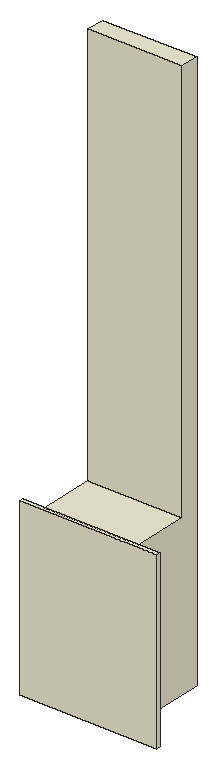
Revit family "3-511-xx Icon Sconce", category Lighting Fixtures, host Wall, Revit 2018
Family settings
  Host = Wall
  Round Connector Dimension = Use Diameter
  Part Type = Normal
  OmniClass Number = 23.80.70.00
  OmniClass Title = Lighting
  Always vertical = Yes
  Cut with Voids When Loaded = No
  Light Source = Yes
  Shared = No
  Room Calculation Point = No
Parameters (values of type "3-511-14 / Polished Chrome")
  Wattage Comments = "12.8 W at 120 V"  # constant formula
  Wattage = 12.8 W
  built-in parameter 1150110 = 1 (stored number, unit not read)
  Voltage Input = "120 V or 277 V - 50/60 Hz"  # constant formula
  Voltage = 120 V
  URL = "www.oxygenlighting.com"
  built-in parameter 1114217 = 1 (stored number, unit not read)
  Tilt Angle = 0.00°
  built-in parameter 1150109 = 1 (stored number, unit not read)
  built-in parameter 1150134 = (empty or 0)
  built-in parameter 1150113 = 1 (stored number, unit not read)
  References = "Ref. 3 = 120 V / Ref. 37 = 277 V"  # constant formula
  Photometric Web File = "3-511-14 Icon Sconce.ies"
  Model = "3-511-xx Icon Sconce"  # constant formula
  Metal Finish = 20 - Polished Nickel
  Manufacturer = "Oxygen Lighting and Fans"  # constant formula
  Lumens = 688.64 lm
  built-in parameter 1150115 = 1 (stored number, unit not read)
  built-in parameter 1150105 = 54.8 (stored number, unit not read)
  built-in parameter 1150137 = (empty or 0)
  built-in parameter 1150139 = (empty or 0)
  built-in parameter 1150112 = 1 (stored number, unit not read)
  built-in parameter 1150114 = 1 (stored number, unit not read)
  Lamp = "LED Array"  # constant formula
  built-in parameter 1150132 = (empty or 0)
  built-in parameter 1150102 = (empty or 0)
  built-in parameter 1150138 = (empty or 0)
  built-in parameter 1150107 = 3000 (stored number, unit not read)
  built-in parameter 1150106 = 0.548 (stored number, unit not read)
  built-in parameter 1150104 = 4.9982 (stored number, unit not read)
  Dimming Lamp Color Temperature Shift = <None>
  Color Filter = 16777215
  built-in parameter 1114218 = 1 (stored number, unit not read)
  built-in parameter 1150133 = 10 (stored number, unit not read)
Types (5): name | Metal Finish
  (no name) | 20 - Polished Nickel
  3-511-14 / Polished Chrome | 20 - Polished Nickel
  3-511-24 / Satin Nickel | 24 - Satin Nickel
  3-511-25 / Satin Cooper | 25 - Satin Copper
  3-511-40 / Aged Brass | 40 - Aged Brass
Reference planes (in)
  plane 1: y = 0
  plane 2 "Light Source Axis (F/B)": y = 4.25
  plane 3 "Light Source Axis (L/R)": x = -1.43133
  plane 4 "Light Source Elevation": z = 50
  plane 5 "Wall Face": y = 3
Text (in)
  text "Placement Side" at (0, 40.15149, 123.01588), in view "Right"
  text "Placement Side" at (-70.3804, 28.46503, 0), in view "Ref. Level"
  text "Placement Side" at (0, 85.69064, 140.59947), in view "Left"
Dimensions and locks (in)
  locked: nested 1 to plane 2 "Light Source Axis (F/B)" at 0.76816
  locked: nested 1 to plane 4 "Light Source Elevation" at 6
  aligned: level to host wall
  aligned and locked: plane 3 "Light Source Axis (L/R)" to imposter light
  aligned and locked: plane 2 "Light Source Axis (F/B)" to imposter light
  aligned and locked: plane 4 "Light Source Elevation" to imposter light
  aligned and locked: plane 5 "Wall Face" to host wall
  aligned and locked: nested 1 to plane 3 "Light Source Axis (L/R)"
  aligned and locked: nested 1 to plane 5 "Wall Face"
Nested families (in)
  nested 1: "Family5" at (-1.43133, 3, 44), type "Family5"
Connectors (in)
  electrical at (-1.43133, 3, 41), driven by "Voltage"
    settings: on nested 1, index 1, voltage 120 V, apparent load 0 VA, apparent load phase1 0 VA, apparent load phase2 0 VA, apparent load phase3 0 VA, power factor 1, load classification "Other", number of poles 1, system type 31, power factor state 1, is connector primary yes, connector utility no, sub classification motor no, connector description ""
Definition of nested family "Family5"
  Parameters (values of type "Family5")
    Metal Finish = none
  Reference planes (in)
    plane 1 "Center (Front/Back)": y = 0
    plane 2: z = 0
    plane 3 "Center (Left/Right)": x = 0
  Forms (in)
    Extrusion 1, solid, material <- "Metal Finish"
      sketch origin (0, -4.6875, -51) x (0, -1, 0) y (0, 0, 1)
        loop
          line (-7.33066, 65) -> (-7.33066, 45.5) -> (-4.8125, 45.5) -> (-4.8125, 51) -> (-6.70566, 51) -> (-6.70566, 65) -> (-7.33066, 65)
      from -1.625 to 1.625
    Extrusion 2, solid, material <- "Metal Finish"
      sketch origin (0, -4.6875, -51) x (0, -1, 0) y (0, 0, 1)
        loop
          line (-4.8125, 51) -> (-4.8125, 45) -> (-4.6875, 45) -> (-4.6875, 51) -> (-4.8125, 51)
      from -2.375 to 2.375
  Dimensions and locks (in)
    aligned and locked: level to plane 2
